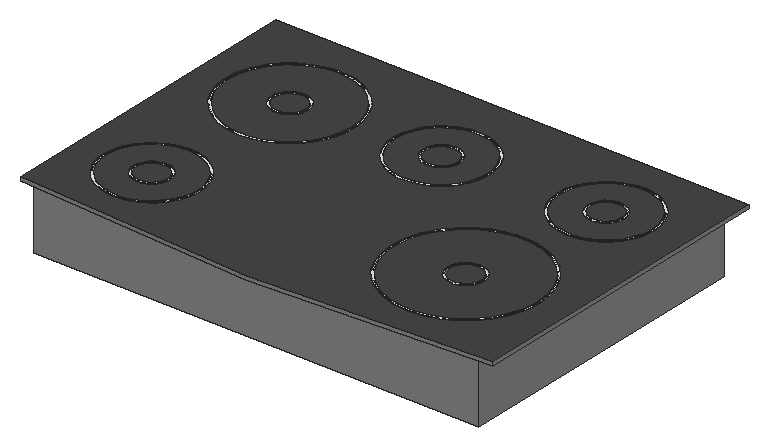
Revit family "M_Fogão-Elétrico(1)", category Equipamento especial, Revit 2019
Family settings
  Cota do conector redondo = Utilizar diâmetro
  Tipo de parte = Normal
  Número OmniClass = 23.40.40.14
  Título OmniClass = Food Service Equipment
  Com base no plano de trabalho = Sim
  Sempre na vertical = Sim
  Corte com vazios quando carregada = Não
  Compartilhado = Não
  Ponto de cálculo do ambiente = Não
Parameters (values of type "750mm")
  Largura = 750 mm
  Voltagem = 120 V
  Type Comments = ""
  Mostrar legenda = yes
  Consumo de energia = 1000 VA
  Legenda = "Fogão"
  Altura da superfície = 6 mm
  Espessura da carcaça = 100 mm
  Descrição = "Fogão elétrico"
  Elevação-padrão = 1200 mm
  Profundidade do balcão = 530 mm
  Código de montagem = "E1090320"
  Carcaça do eletrodoméstico = Eletrodoméstico – Aço inoxidável
  Acabamento do eletrodoméstico = Eletrodoméstico – Preto
  Amperagem = Consumo de energia / Voltagem  # 8.33333 A
Types (2, lengths in mm): name | Largura
  750mm | 750
  900mm | 900
Reference planes
  plane 1 "Face do armário": y = 0
  plane 2: z = 0
  plane 3 "Centro (Esquerda/Direita)": x = 0
  plane 4 "Esquerda": x = -375
  plane 5 "Direita": x = 375
  plane 6 "Parte posterior": y = 265
  plane 7 "Traseira da porta": y = -265
  plane 8 "Superior": z = 6
  plane 9 "Base": z = -94
  plane 10: x = -353
  plane 11: x = 353
  plane 12: y = -243
  plane 13: y = 243
  plane 14: y = -519
  plane 15: y = -214.2
Forms (mm)
  Extrusion 1, solid, material "Eletrodoméstico – Preto" <- "Acabamento do eletrodoméstico"
    sketch origin (0, -3.2, 0) x (1, 0, 0) y (0, 1, 0)
      loop
        line (-375, 268.2) -> (-375, -239.8)
        arc (-375, -239.8) -> (0, -261.137) -> (375, -239.8) r 3306.05
        line (375, -239.8) -> (375, 268.2) -> (-375, 268.2)
      loop
        circle (0, 127.438) r 76.2
      loop
        circle (-254.427, -129.589) r 76.2
      loop
        circle (-254.427, -129.589) r 25.4
      loop
        circle (209.977, -86.839) r 25.4
      loop
        circle (209.977, -86.839) r 117.475
      loop
        circle (247.381, 145.156) r 76.2
      loop
        circle (0, 127.438) r 25.4
      loop
        circle (247.381, 145.156) r 25.4
      loop
        circle (-230.502, 114.617) r 25.4
      loop
        circle (-230.502, 114.617) r 101.6
    from 0 to 6
  Extrusion 2, solid, material "Eletrodoméstico – Aço inoxidável" <- "Carcaça do eletrodoméstico"
    sketch origin (0, 0, -94) x (-1, 0, 0) y (0, -1, 0)
      loop
        line (353, -243) -> (353, 243) -> (-353, 243) -> (-353, -243) -> (353, -243)
    from 0 to 94
  Extrusion 3, solid, material "Eletrodoméstico – Anel do queimador"
    sketch origin (0, -3.2, 0) x (1, 0, 0) y (0, 1, 0)
      loop
        circle (-230.502, 114.617) r 101.6
      loop
        circle (0, 127.438) r 76.2
      loop
        circle (247.381, 145.156) r 76.2
      loop
        circle (209.977, -86.839) r 117.475
      loop
        circle (-254.427, -129.589) r 76.2
      loop
        circle (-230.502, 114.617) r 98.425
      loop
        circle (0, 127.438) r 73.025
      loop
        circle (247.381, 145.156) r 73.025
      loop
        circle (209.977, -86.839) r 114.3
      loop
        circle (-254.427, -129.589) r 73.025
    from 0 to 6
  Extrusion 4, solid, material "Eletrodoméstico – Preto" <- "Acabamento do eletrodoméstico"
    sketch origin (0, -3.2, 0) x (1, 0, 0) y (0, 1, 0)
      loop
        circle (-230.502, 114.617) r 98.425
      loop
        circle (0, 127.438) r 73.025
      loop
        circle (247.381, 145.156) r 73.025
      loop
        circle (209.977, -86.839) r 114.3
      loop
        circle (-254.427, -129.589) r 73.025
      loop
        circle (-230.502, 114.617) r 28.575
      loop
        circle (0, 127.438) r 28.575
      loop
        circle (247.381, 145.156) r 28.575
      loop
        circle (209.977, -86.839) r 28.575
      loop
        circle (-254.427, -129.589) r 28.575
    from 0 to 6
  Extrusion 5, solid, material "Eletrodoméstico – Anel do queimador"
    sketch origin (0, -3.2, 0) x (1, 0, 0) y (0, 1, 0)
      loop
        circle (-230.502, 114.617) r 28.575
      loop
        circle (-230.502, 114.617) r 25.4
      loop
        circle (0, 127.438) r 28.575
      loop
        circle (0, 127.438) r 25.4
      loop
        circle (247.381, 145.156) r 28.575
      loop
        circle (247.381, 145.156) r 25.4
      loop
        circle (209.977, -86.839) r 28.575
      loop
        circle (209.977, -86.839) r 25.4
      loop
        circle (-254.427, -129.589) r 28.575
      loop
        circle (-254.427, -129.589) r 25.4
    from 0 to 6
Lines and regions (mm)
  Split face 1
    outline origin (-353, 243, -94) x (1, 0, 0) y (0, 0, -1)
      loop
        circle (642.5, -47) r 12.7
  Split face 2
    outline origin (0, -3.2, 6) x (1, 0, 0) y (0, 1, 0)
      loop
        line (-375, 246.2) -> (375, 246.2)
  Split face 3
    outline origin (0, -3.2, 6) x (1, 0, 0) y (0, 1, 0)
      loop
        line (-375, -211) -> (375, -211)
  Split face 4
    outline origin (0, -3.2, 6) x (1, 0, 0) y (0, 1, 0)
      loop
        arc (101.6, -211) -> (0, -109.4) -> (-101.6, -211) r 101.6
Dimensions and locks
  equal spacing: plane 4 "Esquerda", plane 3 "Centro (Esquerda/Direita)", plane 5 "Direita"
  "Largura": plane 4 "Esquerda" to plane 5 "Direita"
  "Altura da superfície": plane 8 "Superior" to level
  "Espessura da carcaça": plane 8 "Superior" to plane 9 "Base"
  "Profundidade do balcão": plane 6 "Parte posterior" to plane 7 "Traseira da porta"
  equal spacing: plane 6 "Parte posterior", plane 1 "Face do armário", plane 7 "Traseira da porta"
  locked: plane 4 "Esquerda" to plane 10 at 22
  locked: plane 11 to plane 5 "Direita" at 22
  locked: plane 6 "Parte posterior" to plane 13 at 22
  locked: plane 12 to plane 7 "Traseira da porta" at 22
  equal spacing: plane 9 "Base", Split face 1 sketch curve, level
  locked: plane 5 "Direita" to Split face 1 sketch curve at 85.5
  locked: plane 7 "Traseira da porta" to plane 14 at 254
  locked: plane 15 to plane 12 at 28.8
  aligned and locked: plane 2 to level
  aligned and locked: Extrusion 1 sketch curve to plane 6 "Parte posterior"
  aligned and locked: plane 4 "Esquerda" to Extrusion 1 sketch curve
  aligned and locked: Extrusion 1 sketch curve to plane 5 "Direita"
  aligned and locked: plane 8 "Superior" to Extrusion 1
  aligned and locked: plane 3 "Centro (Esquerda/Direita)" to nested 1
  aligned and locked: Extrusion 2 sketch curve to plane 13
  aligned and locked: Extrusion 2 sketch curve to plane 10
  aligned and locked: plane 12 to Extrusion 2 sketch curve
  aligned and locked: plane 11 to Extrusion 2 sketch curve
  aligned and locked: Extrusion 3 sketch curve to Extrusion 1  (x10)
  aligned and locked: plane 8 "Superior" to Extrusion 3
  aligned and locked: Extrusion 4 sketch curve to Extrusion 3  (x10)
  aligned and locked: plane 8 "Superior" to Extrusion 4
  aligned and locked: Extrusion 5 sketch curve to Extrusion 4  (x10)
  aligned and locked: Extrusion 5 sketch curve to Extrusion 1  (x10)
  aligned and locked: plane 8 "Superior" to Extrusion 5
  aligned and locked: nested 1 to plane 14
  aligned and locked: Extrusion 2 to plane 9 "Base"
  aligned and locked: plane 2 to Extrusion 2
  aligned and locked: Extrusion 1 to plane 2
  aligned and locked: Split face 2 sketch curve to plane 13
  aligned and locked: Split face 3 sketch curve to plane 15
  aligned and locked: plane 15 to Split face 4 sketch curve  (x3)
  aligned and locked: plane 3 "Centro (Esquerda/Direita)" to Split face 4 sketch curve
Automatic sketch dimensions
  Extrusion 1 sketch curve to Extrusion 1 sketch curve = 0 mm  (x10)
  Extrusion 1 sketch curve to plane 3 "Centro (Esquerda/Direita)" = 0 mm  (x2)
  Extrusion 1 sketch curve to plane 12 = 0 mm
  Extrusion 1 sketch curve to plane 10 = 98.573 mm
  plane 11 to Extrusion 1 sketch curve = 105.619 mm
  plane 12 to Extrusion 1 sketch curve = 110.211 mm
  Extrusion 1 sketch curve to plane 13 = 118.762 mm
  Extrusion 1 sketch curve to plane 13 = 101.044 mm
  plane 6 "Parte posterior" to Extrusion 1 sketch curve = 2776.714 mm
  Extrusion 1 sketch curve to plane 10 = 122.498 mm
  Extrusion 1 sketch curve to plane 1 "Face do armário" = 111.417 mm
  plane 1 "Face do armário" to Extrusion 1 sketch curve = 90.039 mm
  plane 11 to Extrusion 1 sketch curve = 143.023 mm
  Extrusion 3 sketch curve to Extrusion 3 sketch curve = 0 mm  (x10)
  Extrusion 3 sketch curve to Extrusion 3 sketch curve = 3.175 mm  (x5)
  Extrusion 4 sketch curve to Extrusion 4 sketch curve = 0 mm  (x10)
  Extrusion 4 sketch curve to Extrusion 4 sketch curve = 28.575 mm  (x4)
  Extrusion 4 sketch curve to plane 3 "Centro (Esquerda/Direita)" = 28.575 mm
  Split face 2 sketch curve to Extrusion 1 = 0 mm  (x2)
  Split face 3 sketch curve to Extrusion 1 = 0 mm  (x2)
  Split face 4 sketch curve to Split face 4 sketch curve = 101.6 mm
  radius of Split face 1 sketch curve = 12.7 mm
  radius of Extrusion 1 sketch curve = 76.2 mm  (x3)
  radius of Extrusion 1 sketch curve = 25.4 mm  (x5)
  radius of Extrusion 1 sketch curve = 117.475 mm
  radius of Extrusion 1 sketch curve = 101.6 mm
Nested families
  nested 1: "Anotação de legenda de 2,5" at (0, -519, 0), visible <- "Mostrar legenda", type "Anotação de legenda de 2,5"
Connectors
  electrical at (289.5, 243, -47), driven by "Voltagem", driven by "Consumo de energia"
    settings: on Extrusion 2, index 1, voltage 120 V, apparent load 1000 VA, apparent load phase1 0 VA, apparent load phase2 0 VA, apparent load phase3 0 VA, power factor 1, load classification "Eletrodoméstico", number of poles 1, system type 30, power factor state 1, is connector primary yes, connector utility no, sub classification motor no, connector description "Potência do fogão"
Definition of nested family "Anotação de legenda de 2,5"
  Parameters
    Legenda = "Congelador 36 LH"
  Reference planes
    plane 1: y = 0
    plane 2: x = 0
  Text (mm)
    label "Legenda" at (0.095, -0.088, 0), shows "Legenda"
